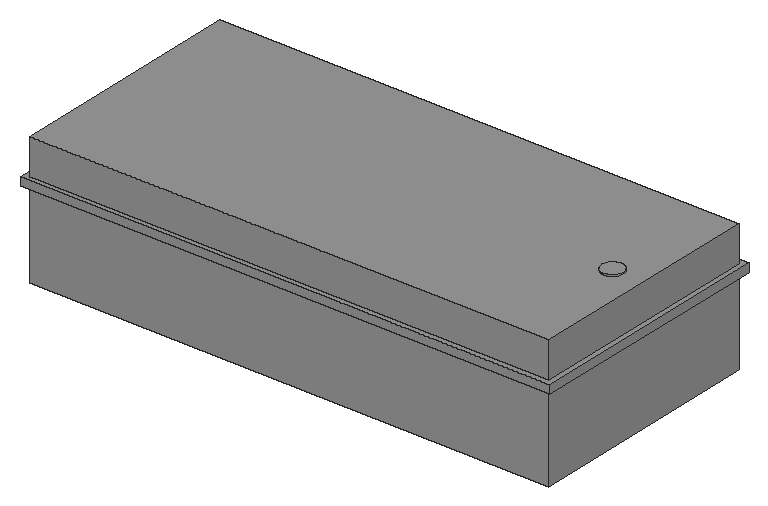
Revit family "ElectricalEquipment_Hager_DINRailEnclosures", category Electrical Equipment, host Face, Revit 2015
Parameters (values of type "JK022")
  _DistributedBy = "www.bimstore.co.uk"
  _CurrentRevision = 0
  _CreatedBy = "MajentaSolutions"
  _BimstoreBibleVersion = "V14"
  _BimSpecGuid = 0
  _Author = "MajentaSolutions"
  WarrantyStartDate [instance] = ""
  WarrantyGuarantorParts = "2"
  WarrantyGuarantorLabor = ""
  WarrantyDurationUnit = "Years"
  WarrantyDurationParts = 2
  WarrantyDurationLabor = 0
  WarrantyDescription = "See Manufacturer"
  Voltage = ""
  URL = "http://www.hager.co.uk/"
  TypeName = Category  # "ElectricalEquipment"
  Type Comments = Model  # "JK022"
  TagNumber [instance] = ""
  SustainabilityPerformance = ""
  Size = ""
  built-in parameter 1140080 [instance] = "16kA"
  Shape = "Rectangular"
  ServiceLifeDuration = 0
  SerialNumber [instance] = ""
  ReplacementCost = 0
  NominalWidth = 505 mm
  NominalLength = 236 mm
  NominalHeight = 125 mm
  NominalDepth = 0 mm
  Neutral Rating = 1  # 100.00%
  NBSReference = ClassificationValue  # "Pr_80_77_28_16"
  NBSOfficeMasterTag = "n/a"
  NBSObjectName = "Hager_DINRailEnclosures_JK022"
  NBSNote = ""
  NBSDescription = Category  # "ElectricalEquipment"
  built-in parameter 1140081 [instance] = "ElectricalEquipment"
  ModelReference = ""
  ModelNumber = ""
  ModelLabel = ""
  Model = "JK022"
  Material = "MildSteel,ABS,AcousticComposite"
  ManufacturerName = Manufacturer  # "Hager"
  Manufacturer = "Hager"
  Mains Type = "AC"
  Keynote = "V"
  InstallationDate [instance] = ""
  IfcExportType = ""
  IfcExportAs = "ElectricalEquipment"
  Grade = ""
  Finish = ""
  Features = Description  # "22Mod_DINRailBoxPlain"
  ExpectedLife = 10
  EAN = "3250610433386"
  DurationUnit = "Years"
  DocumentationTechnical = "http://www.hager.co.uk/product-catalogue/energy-distribution/consumer-units/design-range-of-consumer-units/design-10/51386.htm"
  DocumentationMaintenance = ""
  DocumentationLiterature = "http://www.hager.co.uk/product-catalogue/energy-distribution/consumer-units/design-range-of-consumer-units/design-10/51386.htm"
  DocumentationInstallationGuide = ""
  DocumentationCertificates = ""
  Description = "22Mod_DINRailBoxPlain"
  Default Elevation = 500 mm
  CreatedOn = "22.06.17"
  CreatedBy = "MajentaSolutions"
  Constituents = ""
  Colour = "RAL 9010 White Gloss"
  CodePerformance = ""
  ClassificationValue = "Pr_80_77_28_16"
  ClassificationName = "Uniclass2015"
  Category = "ElectricalEquipment"
  BarCode [instance] = ""
  BIMObjectName = "Hager_ElectricalEquipment_DINRailEnclosures_JK022"
  AssetType = "Fixed"
  AssetIdentifier [instance] = ""
  Assembly Code = "D5010"
  AccessibilityPerformance = ""
Types (8, lengths in mm): name | Voltage | Type Comments | NominalWidth | NominalLength | NBSObjectName | Model | Features | EAN | Description | BIMObjectName
  JK008 | "" | "JK008" | 236 | 254 | "Hager_DINRailEnclosures_JK008" | "JK008" | "8Mod_DINRailBoxPlain" | "3250610433324" | "8Mod_DINRailBoxPlain" | "Hager_ElectricalEquipment_DINRailEnclosures_JK008"
  JK012 | "" | "JK012" | 326 | 236 | "Hager_DINRailEnclosures_JK012" | "JK012" | "12Mod_DINRailBoxPlain" | "3250610433348" | "12Mod_DINRailBoxPlain" | "Hager_ElectricalEquipment_DINRailEnclosures_JK012"
  JK016 | "" | "JK016" | 397 | 236 | "Hager_DINRailEnclosures_JK016" | "JK016" | "16Mod_DINRailBoxPlain" | "3250610433362" | "16Mod_DINRailBoxPlain" | "Hager_ElectricalEquipment_DINRailEnclosures_JK016"
  JK022 | "" | "JK022" | 505 | 236 | "Hager_DINRailEnclosures_JK022" | "JK022" | "22Mod_DINRailBoxPlain" | "3250610433386" | "22Mod_DINRailBoxPlain" | "Hager_ElectricalEquipment_DINRailEnclosures_JK022"
  JK024 | "" | "JK024" | 505 | 236 | "Hager_DINRailEnclosures_JK024" | "JK024" | "24Mod_DINRailBoxPlain" | "3250610433409" | "24Mod_DINRailBoxPlain" | "Hager_ElectricalEquipment_DINRailEnclosures_JK024"
  JK032 | "" | "JK032" | 397 | 472 | "Hager_DINRailEnclosures_JK032" | "JK032" | "32Mod_DINRailBoxPlain" | "3250610433423" | "32Mod_DINRailBoxPlain" | "Hager_ElectricalEquipment_DINRailEnclosures_JK032"
  JK044 | "" | "JK044" | 397 | 472 | "Hager_DINRailEnclosures_JK044" | "JK044" | "44Mod_DINRailBoxPlain" | "3250610433447" | "44Mod_DINRailBoxPlain" | "Hager_ElectricalEquipment_DINRailEnclosures_JK044"
  JK066 | "230V" | "JK066" | 397 | 708 | "Hager_DINRailEnclosures_JK066" | "JK066" | "66Mod_DINRailBoxPlain" | "3250610433461" | "66Mod_DINRailBoxPlain" | "Hager_ElectricalEquipment_DINRailEnclosures_JK066"
Reference planes
  plane 1 "Center (Front/Back)": y = 0
  plane 2: z = 0
  plane 3 "Center (Left/Right)": x = 0
  plane 4: x = 247.5
  plane 5: x = -247.5
  plane 6: y = -113
  plane 7: y = 113
  plane 8: z = 82.9
  plane 9: z = 90.9
  plane 10: x = -252.5
  plane 11: y = 118
  plane 12: x = 252.5
  plane 13: y = -118
  plane 14: z = 125
  plane 15: y = -81.775
  plane 16: z = 126
  plane 17: x = 217.5
Forms (mm)
  Extrusion 1, solid, material "MildSteel,ABS,AcousticComposite", detail levels fine
    sketch origin (0, 0, 0) x (1, 0, 0) y (0, 1, 0)
      loop
        line (-247.5, 113) -> (-247.5, -113) -> (247.5, -113) -> (247.5, 113) -> (-247.5, 113)
    from 0 to 82.9
  Extrusion 2, solid, material "MildSteel,ABS,AcousticComposite", detail levels fine
    sketch origin (0, 0, 0) x (1, 0, 0) y (0, 1, 0)
      loop
        line (-252.5, -118) -> (252.5, -118) -> (252.5, 118) -> (-252.5, 118) -> (-252.5, -118)
    from 82.9 to 90.9
  Extrusion 3, solid, material "MildSteel,ABS,AcousticComposite", detail levels fine
    sketch origin (50.5, 21.669, 0) x (1, 0, 0) y (0, 1, 0)
      loop
        circle (167, -21.669) r 10
    from 125 to 126
  Extrusion 4, solid, material "MildSteel,ABS,AcousticComposite", detail levels fine
    sketch origin (0, 0, 0) x (1, 0, 0) y (0, 1, 0)
      loop
        line (-247.5, 113) -> (-247.5, -113) -> (247.5, -113) -> (247.5, 113) -> (-247.5, 113)
    from 90.9 to 125
  Extrusion 5, solid, material "MildSteel,ABS,AcousticComposite", detail levels medium
    sketch origin (0, 0, 0) x (1, 0, 0) y (0, 1, 0)
      loop
        line (-252.5, 118) -> (-252.5, -118) -> (252.5, -118) -> (252.5, 118) -> (-252.5, 118)
    from 0 to 126
Lines and regions (mm)
  model lines
    curve 1: line (-247.5, 113, 0) -> (-247.5, -113, 0)
    curve 2: line (247.5, 113, 0) -> (247.5, -113, 0)
    curve 3: line (247.5, -113, 0) -> (-247.5, -113, 0)
    curve 4: line (247.5, 113, 0) -> (-247.5, 113, 0)
  symbolic lines, detail levels coarse+medium
    curve 5: line (-239.252, 0, 120) -> (-239.252, 0, 0)
    curve 6: line (-239.252, 0, 0) -> (240.748, 0, 0)
    curve 7: line (240.748, 0, 0) -> (240.748, 0, 120)
    curve 8: line (240.748, 0, 120) -> (-239.252, 0, 120)
    curve 9: line (240.748, 0, 120) -> (-240.546, 0, 0)
  symbolic lines, not visible, detail levels coarse+medium
    curve 10: line (-353.498, 0, 512.331) -> (-353.498, 0, 392.331)
    curve 11: line (-353.498, 0, 392.331) -> (126.502, 0, 392.331)
    curve 12: line (126.502, 0, 392.331) -> (126.502, 0, 512.331)
    curve 13: line (126.502, 0, 512.331) -> (-353.498, 0, 512.331)
    curve 14: line (126.502, 0, 512.331) -> (-354.791, 0, 392.331)
Dimensions and locks
  equal spacing: plane 5, plane 3 "Center (Left/Right)", plane 4
  equal spacing: plane 6, plane 1 "Center (Front/Back)", plane 7
  "NominalHeight": plane 14 to plane 2
  locked: plane 9 to plane 8 at 8
  locked: plane 13 to plane 6 at 5
  locked: plane 10 to plane 5 at 5
  locked: plane 7 to plane 11 at 5
  locked: plane 4 to plane 12 at 5
  "NominalWidth": plane 10 to plane 12
  "NominalLength": plane 13 to plane 11
  locked: plane 15 to plane 6 at 31.225
  plane 16 to plane 14 = 1 mm
  locked: plane 17 to plane 12 at 35
  aligned and locked: plane 2 to host face
  aligned and locked: level to host face
  aligned and locked: Extrusion 1 sketch curve to plane 5
  aligned and locked: Extrusion 1 sketch curve to plane 6
  aligned and locked: Extrusion 1 sketch curve to plane 4
  aligned and locked: Extrusion 1 sketch curve to plane 7
  aligned and locked: plane 8 to Extrusion 1
  aligned and locked: curve 1 to plane 5
  aligned and locked: curve 2 to plane 4
  aligned and locked: curve 3 to plane 6
  aligned and locked: curve 4 to plane 7
  aligned and locked: plane 13 to Extrusion 2 sketch curve
  aligned and locked: Extrusion 2 sketch curve to plane 10
  aligned and locked: Extrusion 2 sketch curve to plane 11
  aligned and locked: plane 12 to Extrusion 2 sketch curve
  aligned and locked: Extrusion 2 to plane 8
  aligned and locked: plane 9 to Extrusion 2
  aligned and locked: Extrusion 4 sketch curve to plane 5
  aligned and locked: Extrusion 4 sketch curve to plane 6
  aligned and locked: Extrusion 4 sketch curve to plane 4
  aligned and locked: Extrusion 4 sketch curve to plane 7
  aligned and locked: Extrusion 4 to plane 9
  aligned and locked: Extrusion 4 to plane 14
  aligned and locked: plane 14 to Extrusion 3
  aligned and locked: Extrusion 3 to plane 16
  aligned and locked: plane 16 to Extrusion 3
  aligned and locked: Extrusion 5 sketch curve to plane 10
  aligned and locked: Extrusion 5 sketch curve to plane 13
  aligned and locked: Extrusion 5 sketch curve to plane 12
  aligned and locked: Extrusion 5 sketch curve to plane 11
  aligned and locked: Extrusion 5 to level
  aligned and locked: Extrusion 5 to plane 16
  aligned and locked: plane 17 to Extrusion 3 sketch curve
Automatic sketch dimensions
  host sketch curve to host sketch curve = 2438.4 mm  (x2)
  plane 1 "Center (Front/Back)" to Extrusion 3 sketch curve = 0 mm
  radius of Extrusion 3 sketch curve = 10 mm
Connectors
  electrical at (0, 0, 0)
    settings: on Extrusion 1, index 1, voltage 0 V, apparent load 0 VA, apparent load phase1 0 VA, apparent load phase2 0 VA, apparent load phase3 0 VA, power factor 1, load classification "Other", number of poles 1, system type 31, power factor state 1, is connector primary yes, connector utility no, sub classification motor no, connector description ""
